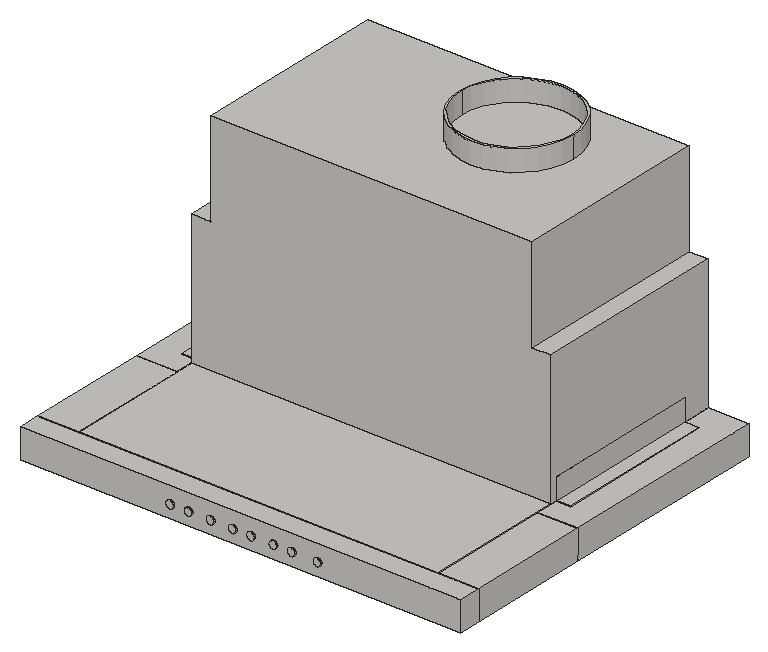
Revit family "AF210791", category Generic Models, Revit 2014
Parameters (values of type "AF210791")
  Width = 598 mm
  URL = "http://www.gaggenau.com."
  Model = "AF210791"
  Manufacturer = "Gaggenau"
  Height = 349 mm
  Unit = Metal Panel
  Description = "Gaggenau 36\" Visor Hood, with blower"
  Depth = 488 mm
Reference planes
  plane 1 "Center (Front/Back)": y = 0
  plane 2: z = 0
  plane 3 "Center (Left/Right)": x = 0
  plane 4: x = -299
  plane 5: x = 299
  plane 6: y = 244
  plane 7: y = -244
  plane 8: z = 349
  plane 9: y = -46
  plane 10: z = 378
  plane 11: y = 146
  plane 12: x = 63
  plane 13: y = -22
Forms (mm)
  Extrusion 1, solid, material "Metal Panel" <- "Unit"
    sketch origin (0, 0, 0) x (0, 1, 0) y (0, 0, 1)
      loop
        line (-244, 0) -> (-214, 0) -> (-214, 40) -> (-244, 40) -> (-244, 0)
    from -299 to 299
  Extrusion 2, solid, material "Metal Panel" <- "Unit"
    sketch origin (0, 0, 0) x (1, 0, 0) y (0, 0, 1)
      loop
        line (-299, 40) -> (-299, 0) -> (-244.135, 0) -> (-244.135, 40) -> (-299, 40)
      loop
        line (299, 40) -> (244.135, 40) -> (244.135, 0) -> (299, 0) -> (299, 40)
    from 46 to 214
  Extrusion 3, solid, material "Metal Panel" <- "Unit"
    sketch origin (0, 0, 0) x (1, 0, 0) y (0, 0, 1)
      loop
        line (-244.135, 40) -> (-244.135, 0) -> (244.135, 0) -> (244.135, 40) -> (-244.135, 40)
    from -244 to 214
  Extrusion 4, solid, material "Metal Panel" <- "Unit"
    sketch origin (0, 0, 0) x (1, 0, 0) y (0, 0, 1)
      loop
        line (-244.135, 40) -> (244.135, 40) -> (244.135, 221) -> (218.135, 221) -> (218.135, 349) -> (-218.135, 349) -> (-218.135, 221) -> (-244.135, 221) -> (-244.135, 40)
    from -244 to 22
  Extrusion 5, solid, material "Metal Panel" <- "Unit"
    sketch origin (0, 0, 0) x (1, 0, 0) y (0, 0, 1)
      loop
        line (-244.135, 70) -> (-244.999, 70) -> (-244.999, 40.817) -> (-264.135, 40.817) -> (-264.135, 40) -> (-244.135, 40) -> (-244.135, 70)
      loop
        line (244.135, 70) -> (244.135, 40) -> (264.135, 40) -> (264.135, 40.817) -> (244.999, 40.817) -> (244.999, 70) -> (244.135, 70)
    from -203.622 to 14.165
  Extrusion 6, solid, material "Metal Panel" <- "Unit"
    sketch origin (0, 0, 0) x (1, 0, 0) y (0, 0, 1)
      loop
        circle (-95.047, 17.929) r 5
      loop
        circle (-70.047, 17.929) r 5
      loop
        circle (-40.047, 17.929) r 5
      loop
        circle (-10.047, 17.929) r 5
      loop
        circle (14.953, 17.929) r 5
      loop
        circle (44.953, 17.929) r 5
      loop
        circle (69.953, 17.929) r 5
      loop
        circle (104.953, 17.929) r 5
    from 244 to 245.164
  Extrusion 7, solid, material "Metal Panel" <- "Unit"
    sketch origin (63, 18.8, 0) x (1, 0, 0) y (0, 1, 0)
      loop
        circle (0, 127.2) r 75
      loop
        circle (0, 127.2) r 77.582
    from 378 to 349
  Extrusion 8, solid, material "Metal Panel" <- "Unit"
    sketch origin (0, 0, 0) x (1, 0, 0) y (0, 0, 1)
      loop
        line (-299, 0) -> (-244.135, 0) -> (-244.135, 40) -> (-299, 40) -> (-299, 0)
      loop
        line (299, 0) -> (299, 40) -> (244.999, 40) -> (244.999, 0) -> (299, 0)
    from -244 to 46
Dimensions and locks
  equal spacing: plane 4, plane 3 "Center (Left/Right)", plane 5
  equal spacing: plane 6, plane 1 "Center (Front/Back)", plane 7
  "Width": plane 4 to plane 5
  "Depth": plane 6 to plane 7
  "Height": plane 8 to plane 2
  plane 6 to plane 9 = 290 mm
  plane 10 to plane 2 = 378 mm
  plane 12 to plane 5 = 236 mm
  plane 6 to plane 13 = 266 mm
  aligned and locked: level to plane 2
Automatic sketch dimensions
  Extrusion 1 sketch curve to plane 7 = 0 mm
  Extrusion 1 sketch curve to level = 0 mm
  Extrusion 1 sketch curve to plane 7 = 30 mm
  level to Extrusion 1 sketch curve = 40 mm
  Extrusion 2 sketch curve to level = 0 mm  (x2)
  Extrusion 2 sketch curve to plane 4 = 0 mm
  plane 5 to Extrusion 2 sketch curve = 0 mm
  plane 4 to Extrusion 2 sketch curve = 54.865 mm
  plane 5 to Extrusion 2 sketch curve = 54.865 mm
  level to Extrusion 2 sketch curve = 40 mm  (x2)
  Extrusion 3 sketch curve to level = 0 mm
  plane 4 to Extrusion 3 sketch curve = 54.865 mm
  plane 5 to Extrusion 3 sketch curve = 54.865 mm
  level to Extrusion 3 sketch curve = 40 mm
  Extrusion 4 sketch curve to plane 8 = 0 mm
  plane 4 to Extrusion 4 sketch curve = 54.865 mm
  plane 4 to Extrusion 4 sketch curve = 80.865 mm
  plane 5 to Extrusion 4 sketch curve = 80.865 mm
  Extrusion 4 sketch curve to Extrusion 4 sketch curve = 26 mm
  level to Extrusion 4 sketch curve = 40 mm
  Extrusion 4 sketch curve to Extrusion 4 sketch curve = 128 mm
  Extrusion 4 sketch curve to plane 8 = 128 mm
  plane 4 to Extrusion 5 sketch curve = 34.865 mm
  Extrusion 5 sketch curve to Extrusion 5 sketch curve = 19.136 mm  (x2)
  Extrusion 5 sketch curve to Extrusion 5 sketch curve = 0.864 mm  (x2)
  plane 5 to Extrusion 5 sketch curve = 54.865 mm
  level to Extrusion 5 sketch curve = 40 mm  (x2)
  Extrusion 5 sketch curve to Extrusion 5 sketch curve = 0.817 mm  (x2)
  Extrusion 5 sketch curve to Extrusion 5 sketch curve = 29.183 mm  (x2)
  level to Extrusion 6 sketch curve = 17.929 mm  (x8)
  Extrusion 6 sketch curve to plane 3 "Center (Left/Right)" = 95.047 mm
  Extrusion 6 sketch curve to Extrusion 6 sketch curve = 25 mm  (x2)
  Extrusion 6 sketch curve to Extrusion 6 sketch curve = 30 mm  (x2)
  Extrusion 6 sketch curve to plane 3 "Center (Left/Right)" = 10.047 mm
  plane 3 "Center (Left/Right)" to Extrusion 6 sketch curve = 14.953 mm
  Extrusion 6 sketch curve to Extrusion 6 sketch curve = 35 mm
  Extrusion 7 sketch curve to Extrusion 7 sketch curve = 0 mm  (x2)
  plane 3 "Center (Left/Right)" to Extrusion 7 sketch curve = 63 mm
  Extrusion 7 sketch curve to plane 6 = 98 mm
  Extrusion 8 sketch curve to plane 4 = 0 mm
  plane 5 to Extrusion 8 sketch curve = 0 mm
  plane 4 to Extrusion 8 sketch curve = 54.865 mm
  plane 5 to Extrusion 8 sketch curve = 54.001 mm
  level to Extrusion 8 sketch curve = 40 mm  (x2)
  Extrusion 8 sketch curve to level = 0 mm  (x2)
  radius of Extrusion 6 sketch curve = 5 mm  (x8)
  radius of Extrusion 7 sketch curve = 75 mm
  radius of Extrusion 7 sketch curve = 77.582 mm
